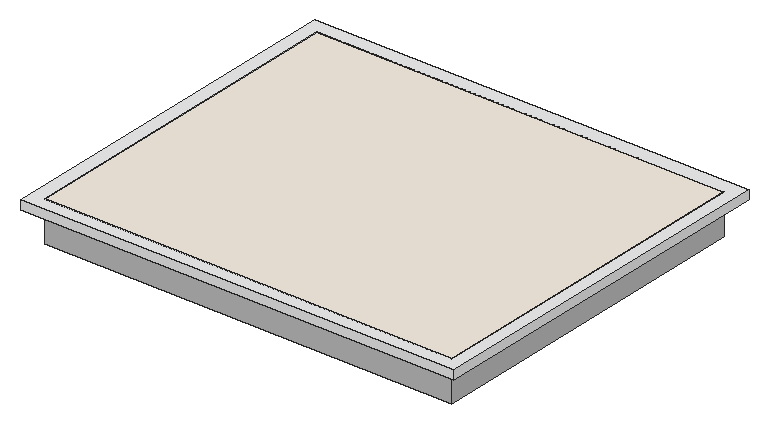
Revit family "Lighting-Industriale-GEWISS-ELIA-HL-LED_RIFLETTORE", category Apparecchi per illuminazione, host Superficie, Revit 2019 (continued)
Types (12, lengths in mm): name | Tensione | Scheda Tecnica | Potenza di sistema | Peso (kg): | Peso (kg) | Ottica | built-in parameter 1150142 | Lumen output (lm) | Modello | IDT | File diagramma fotometrico | Description
    13540.11 13494.38 \r\n13445.96 13390.82 13332.98 13269.77 13201.17 13127.20 \r\n13046.50 12959.07 12864.92 12761.36 12651.07 12531.36 \r\n12402.24 12263.71 12114.41 11957.05 11790.27 11615.42 \r\n11428.46 11232.09 11023.62 10801.69 10562.28 10298.66 \r\n10021.59 9747.21 9471.49 9193.07 8917.35 8647.00 8382.04 \r\n8118.42 7862.87 7616.73 7381.36 7156.74 6938.85 6727.69 \r\n6520.56 6317.46 6119.75 5935.48 5757.94 5585.78 5416.31 \r\n5246.85 5077.38 4917.32 4761.30 4609.31 4461.36 4316.10 \r\n4177.57 4040.38 3909.91 3783.49 3659.74 3537.35 3414.95 \r\n3295.25 3178.24 3057.18 2937.48 2823.15 2711.52 2602.31 \r\n2494.97 2388.99 2286.37 2188.72 2096.72 2011.85 1932.50 \r\n1858.79 1788.98 1722.27 1657.85 1595.04 1533.03 1469.55 \r\n1406.60 1345.40 1285.42 1226.24 1168.40 1112.58 1059.05 \r\n1008.88 960.87 913.39 867.39 823.01 781.31 744.59 710.03 \r\n675.86 642.24 607.00 572.30 540.82 510.29 480.03 450.98 \r\n423.54 397.72 374.58 353.33 333.16 313.38 292.40 271.42 \r\n250.95 231.00 211.57 192.95 175.58 159.14 143.54 128.62 \r\n114.16 100.22 86.62 73.72 61.79 50.71 40.31 30.83 22.30 \r\n15.17 9.94 6.44 4.68 4.67 \r\n13471.52 13472.86 13474.21 13478.24 13482.28 13487.66 \r\n13494.38 13502.45 13510.52 13519.94 13532.04 13542.80 \r\n13554.91 13568.36 13581.81 13596.60 13611.40 13627.54 \r\n13642.33 13658.47 13674.61 13690.75 13705.55 13721.69 \r\n13736.48 13749.93 13763.38 13774.14 13784.90 13794.32 \r\n13801.04 13806.42 13807.77 13809.11 13807.77 13803.73 \r\n13797.01 13788.94 13775.49 13759.35 13739.17 13714.96 \r\n13689.41 13657.13 13623.50 13585.84 13545.49 13499.76 \r\n13450.00 13397.54 13339.71 13276.49 13207.90 13135.27 \r\n13054.57 12968.49 12874.34 12772.12 12661.83 12543.47 \r\n12415.69 12277.16 12129.21 11973.19 11807.75 11634.25 \r\n11448.64 11252.27 11043.79 10823.21 10583.80 10318.84 \r\n10041.77 9764.70 9487.63 9209.21 8934.83 8665.83 8400.87 \r\n8133.21 7873.63 7626.15 7388.08 7159.43 6940.20 6727.69 \r\n6519.21 6314.77 6118.40 5934.14 5757.94 5585.78 5416.31 \r\n5245.50 5078.72 4917.32 4761.30 4609.31 4462.71 4318.80 \r\n4177.57 4041.72 3909.91 3784.83 3662.43 3538.70 3416.30 \r\n3296.59 3176.89 3057.18 2936.14 2821.81 2711.52 2601.77 \r\n2494.44 2388.05 2284.89 2186.70 2094.16 2008.49 1928.73 \r\n1854.49 1784.55 1717.70 1653.27 1590.46 1528.46 1465.24 \r\n1402.30 1340.96 1280.98 1221.93 1164.23 1108.28 1054.48 \r\n1004.58 956.70 909.62 864.03 819.64 777.81 740.96 706.66 \r\n672.90 639.28 604.17 569.74 538.27 508.14 478.28 449.36 \r\n422.06 396.51 373.24 351.58 331.41 311.64 290.79 269.94 \r\n249.97 230.41 211.15 192.60 175.24 158.82 143.30 128.46 \r\n114.04 100.14 86.60 73.77 61.88 50.77 40.34 30.80 22.28 \r\n15.15 9.93 6.44 4.69 4.67 \r\n13471.52 13472.86 13474.21 13478.24 13482.28 13486.31 \r\n13494.38 13501.11 13510.52 13521.28 13530.70 13541.46 \r\n13554.91 13567.01 13581.81 13595.26 13611.40 13626.19 \r\n13640.99 13657.13 13673.27 13688.06 13705.55 13720.34 \r\n13736.48 13749.93 13762.04 13774.14 13784.90 13792.97 \r\n13801.04 13806.42 13809.11 13809.11 13809.11 13805.08 \r\n13798.35 13788.94 13778.18 13762.04 13741.86 13719.00 \r\n13693.44 13661.16 13627.54 13591.22 13549.53 13505.14 \r\n13456.72 13404.27 13346.43 13284.56 13217.31 13143.34 \r\n13065.33 12977.90 12883.75 12782.88 12672.59 12555.57 \r\n12429.14 12291.95 12144.00 11990.67 11826.58 11653.08 \r\n11468.81 11273.79 11065.31 10846.08 10608.01 10343.05 \r\n10064.63 9786.22 9505.11 9226.70 8952.32 8684.66 8419.70 \r\n8149.35 7885.73 7635.56 7394.81 7163.47 6941.54 6726.34 \r\n6517.87 6313.43 6117.06 5934.14 5757.94 5585.78 5416.31 \r\n5245.50 5078.72 4917.32 4759.95 4609.31 4462.71 4320.14 \r\n4178.91 4041.72 3909.91 3784.83 3661.09 3538.70 3416.30 \r\n3296.59 3178.24 3055.84 2934.79 2820.46 2710.17 2600.15 \r\n2492.96 2386.30 2282.60 2184.01 2090.80 2004.45 1924.02 \r\n1849.51 1779.43 1712.45 1648.03 1585.35 1523.35 1460.27 \r\n1397.45 1336.26 1276.00 1217.22 1159.79 1103.57 1049.64 \r\n999.74 952.13 905.59 860.40 816.01 774.18 737.60 703.30 \r\n669.81 636.32 601.22 566.78 535.58 505.85 476.26 447.75 \r\n420.58 395.16 371.62 349.70 329.52 309.89 289.18 268.68 \r\n249.07 229.87 210.76 192.29 174.96 158.55 143.09 128.33 \r\n113.93 100.03 86.58 73.77 61.91 50.83 40.35 30.77 22.24 \r\n15.13 9.91 6.44 4.69 4.67 \r\n13471.52 13472.86 13475.55 13478.24 13482.28 13487.66 \r\n13493.04 13501.11 13510.52 13519.94 13530.70 13541.46 \r\n13553.56 13567.01 13580.46 13593.91 13610.05 13626.19 \r\n13640.99 13657.13 13673.27 13688.06 13704.20 13719.00 \r\n13733.79 13748.59 13760.69 13772.80 13783.56 13792.97 \r\n13801.04 13805.08 13809.11 13810.46 13810.46 13805.08 \r\n13799.70 13791.63 13780.87 13764.73 13745.90 13723.03 \r\n13696.13 13666.54 13634.26 13595.26 13556.25 13511.87 \r\n13464.79 13412.34 13355.85 13292.63 13225.38 13152.75 \r\n13074.74 12988.66 12894.51 12794.98 12687.38 12570.37 \r\n12443.94 12308.09 12162.83 12008.16 11845.41 11673.25 \r\n11490.33 11295.31 11089.52 10870.29 10633.57 10368.60 \r\n10090.19 9809.08 9526.63 9246.87 8971.15 8704.84 8437.18 \r\n8165.49 7899.18 7644.98 7401.53 7168.85 6944.23 6726.34 \r\n6517.87 6313.43 6118.40 5935.48 5757.94 5585.78 5414.97 \r\n5245.50 5078.72 4915.97 4759.95 4609.31 4462.71 4318.80 \r\n4178.91 4041.72 3908.57 3782.14 3659.74 3537.35 3414.95 \r\n3295.25 3175.54 3053.15 2932.10 2819.12 2707.08 2597.60 \r\n2490.40 2383.61 2279.78 2180.65 2086.77 1999.88 1918.91 \r\n1843.99 1773.79 1706.81 1642.51 1579.97 1518.10 1455.16 \r\n1392.75 1331.28 1271.02 1212.25 1155.09 1098.73 1044.66 \r\n994.90 947.42 901.28 856.63 812.38 770.68 734.10 699.94 \r\n666.45 633.23 598.12 564.09 532.89 503.43 474.25 446.00 \r\n419.10 393.68 370.14 348.09 327.78 308.27 287.83 267.56 \r\n248.26 229.36 210.41 192.01 174.72 158.32 142.91 128.18 \r\n113.80 99.91 86.48 73.76 61.92 50.84 40.32 30.72 22.19 \r\n15.09 9.90 6.44 4.69 4.66 \r\n13471.52 13472.86 13475.55 13478.24 13482.28 13487.66 \r\n13493.04 13501.11 13510.52 13519.94 13529.35 13540.11 \r\n13553.56 13567.01 13580.46 13593.91 13608.71 13624.85 \r\n13640.99 13655.78 13671.92 13686.72 13702.86 13717.65 \r\n13733.79 13748.59 13760.69 13772.80 13783.56 13794.32 \r\n13801.04 13806.42 13810.46 13811.80 13811.80 13809.11 \r\n13803.73 13794.32 13782.21 13768.76 13749.93 13728.41 \r\n13701.51 13671.92 13639.64 13603.33 13562.98 13519.94 \r\n13472.86 13421.75 13363.92 13303.39 13237.49 13166.20 \r\n13088.19 13002.11 12909.31 12811.12 12703.52 12587.85 \r\n12462.77 12326.92 12181.66 12029.68 11868.28 11696.12 \r\n11513.20 11319.52 11115.08 10897.19 10661.81 10399.54 \r\n10121.12 9837.33 9553.53 9271.08 8994.01 8722.32 8451.98 \r\n8178.94 7911.29 7657.08 7412.29 7176.92 6949.61 6733.07 \r\n6521.90 6318.81 6123.78 5939.52 5759.29 5584.44 5412.28 \r\n5242.81 5076.03 4913.28 4754.57 4605.28 4457.33 4313.41 \r\n4173.53 4035.00 3901.85 3775.41 3651.67 3527.93 3406.88 \r\n3285.84 3167.47 3046.42 2925.38 2811.05 2700.22 2591.81 \r\n2485.29 2379.57 2276.41 2176.88 2082.33 1994.90 1913.67 \r\n1838.75 1768.67 1701.96 1637.94 1575.94 1514.47 1451.79 \r\n1389.52 1328.32 1268.47 1209.56 1152.13 1095.91 1042.24 \r\n992.21 944.59 898.46 854.07 810.09 768.67 731.95 697.52 \r\n664.03 630.67 595.83 562.08 531.14 501.68 472.50 444.66 \r\n417.89 392.47 369.07 347.01 326.97 307.33 287.43 267.45 \r\n248.10 229.08 210.14 191.82 174.61 158.29 142.85 128.06 \r\n113.63 99.69 86.25 73.52 61.68 50.59 40.12 30.59 22.07 \r\n14.99 9.86 6.45 4.71 4.65 \r\n13471.52 13472.86 13475.55 13478.24 13482.28 13487.66 \r\n13493.04 13501.11 13509.18 13519.94 13529.35 13540.11 \r\n13553.56 13565.67 13579.12 13592.57 13608.71 13623.50 \r\n13639.64 13655.78 13671.92 13686.72 13701.51 13717.65 \r\n13732.45 13747.24 13760.69 13771.45 13782.21 13792.97 \r\n13801.04 13807.77 13811.80 13814.49 13813.15 13810.46 \r\n13805.08 13797.01 13786.25 13772.80 13753.97 13732.45 \r\n13706.89 13678.65 13646.37 13610.05 13571.05 13528.01 \r\n13480.93 13429.82 13374.68 13314.15 13248.25 13178.31 \r\n13100.30 13016.91 12925.45 12827.26 12721.01 12605.34 \r\n12481.60 12347.10 12204.53 12051.20 11889.80 11717.64 \r\n11537.41 11343.73 11140.63 10925.43 10692.75 10431.82 \r\n10154.75 9869.61 9581.78 9297.98 9015.53 8739.81 8466.77 \r\n8192.39 7924.74 7670.53 7423.05 7184.99 6956.34 6738.45 \r\n6528.63 6325.53 6130.51 5943.55 5761.98 5584.44 5409.59 \r\n5240.12 5071.99 4909.25 4751.89 4599.90 4451.95 4306.69 \r\n4165.46 4028.27 3895.12 3766.00 3642.26 3518.52 3397.47 \r\n3276.42 3158.06 3038.36 2918.65 2802.98 2693.50 2584.96 \r\n2479.24 2374.73 2272.38 2172.58 2077.49 1989.79 1908.29 \r\n1833.50 1763.43 1697.12 1633.50 1571.77 1510.70 1448.30 \r\n1386.29 1325.63 1266.05 1206.87 1149.17 1093.48 1040.09 \r\n989.79 941.77 895.77 851.52 808.08 766.92 729.93 695.23 \r\n661.47 628.12 593.68 560.06 529.26 499.94 471.02 443.18 \r\n416.68 391.53 368.13 346.20 326.03 306.66 287.02 267.51 \r\n248.03 228.81 209.89 191.64 174.53 158.27 142.79 127.92 \r\n113.44 99.46 86.00 73.22 61.37 50.30 39.89 30.41 21.94 \r\n14.89 9.82 6.46 4.72 4.65 \r\n13471.52 13472.86 13475.55 13478.24 13482.28 13487.66 \r\n13493.04 13501.11 13509.18 13518.59 13529.35 13540.11 \r\n13552.22 13565.67 13579.12 13592.57 13607.36 13623.50 \r\n13639.64 13654.44 13670.58 13685.37 13701.51 13716.31 \r\n13731.10 13745.90 13759.35 13771.45 13782.21 13792.97 \r\n13801.04 13807.77 13814.49 13815.84 13815.84 13813.15 \r\n13809.11 13801.04 13790.28 13774.14 13758.00 13736.48 \r\n13710.93 13684.03 13653.09 13618.12 13579.12 13536.08 \r\n13491.69 13440.58 13385.44 13326.26 13261.70 13191.76 \r\n13113.75 13031.70 12941.59 12844.75 12738.49 12625.51 \r\n12501.77 12368.62 12226.05 12075.41 11914.01 11741.85 \r\n11560.27 11370.63 11168.88 10955.02 10722.34 10465.44 \r\n10189.72 9903.23 9611.37 9324.88 9039.74 8758.64 8480.22 \r\n8207.19 7939.53 7683.98 7436.50 7195.75 6963.06 6745.17 \r\n6536.70 6333.60 6137.23 5948.93 5763.32 5584.44 5408.24 \r\n5236.09 5069.30 4905.21 4746.50 4593.18 4445.22 4299.96 \r\n4158.74 4021.55 3887.05 3756.59 3631.50 3507.76 3385.36 \r\n3267.01 3148.64 3027.59 2910.58 2796.26 2685.29 2577.83 \r\n2472.78 2369.35 2267.94 2168.01 2072.38 1984.41 1902.77 \r\n1827.99 1758.18 1692.14 1628.93 1567.60 1507.07 1444.93 \r\n1383.06 1322.94 1263.63 1204.31 1146.48 1090.93 1037.94 \r\n987.36 939.21 893.21 849.10 806.06 765.30 728.18 693.21 \r\n659.18 625.69 591.53 558.31 527.64 498.32 469.54 441.70 \r\n415.34 390.45 367.19 345.40 325.22 306.12 286.89 267.64 \r\n248.02 228.56 209.65 191.49 174.47 158.28 142.73 127.77 \r\n113.22 99.21 85.72 72.91 61.05 49.98 39.65 30.25 21.80 \r\n14.79 9.78 6.47 4.75 4.64 \r\n13471.52 13472.86 13475.55 13478.24 13482.28 13487.66 \r\n13493.04 13501.11 13509.18 13518.59 13529.35 13540.11 \r\n13552.22 13565.67 13579.12 13592.57 13606.02 13623.50 \r\n13638.30 13654.44 13670.58 13685.37 13700.17 13716.31 \r\n13731.10 13744.55 13759.35 13770.11 13782.21 13792.97 \r\n13801.04 13809.11 13814.49 13818.53 13818.53 13815.84 \r\n13810.46 13802.39 13791.63 13778.18 13762.04 13741.86 \r\n13717.65 13690.75 13658.47 13624.85 13587.19 13545.49 \r\n13499.76 13451.34 13396.20 13337.02 13273.80 13203.86 \r\n13128.54 13046.50 12957.73 12860.89 12757.32 12644.34 \r\n12521.95 12391.48 12248.91 12099.62 11938.22 11767.40 \r\n11587.17 11396.18 11194.43 10983.27 10754.62 10499.07 \r\n10224.69 9936.86 9642.30 9353.13 9065.30 8777.47 8497.71 \r\n8221.98 7954.33 7697.43 7447.26 7205.16 6971.13 6753.24 \r\n6543.42 6341.67 6146.65 5954.31 5766.01 5583.10 5405.55 \r\n5233.40 5065.27 4901.18 4741.13 4587.80 4438.50 4291.90 \r\n4150.67 4013.48 3878.98 3748.51 3620.74 3495.65 3374.61 \r\n3256.24 3137.88 3019.52 2901.16 2788.18 2677.22 2570.29 \r\n2465.92 2363.70 2263.10 2163.03 2067.13 1979.03 1897.39 \r\n1822.61 1752.94 1687.17 1624.49 1563.56 1503.44 1441.57 \r\n1379.84 1320.25 1261.21 1201.76 1143.52 1088.51 1035.92 \r\n985.21 936.66 890.66 846.54 804.04 763.83 726.57 691.20 \r\n656.90 623.41 589.51 556.70 526.03 496.84 468.06 440.22 \r\n414.13 389.51 366.38 344.72 324.68 305.58 286.75 267.83 \r\n247.99 228.26 209.39 191.31 174.42 158.28 142.68 127.63 \r\n113.02 98.95 85.42 72.59 60.70 49.66 39.38 30.07 21.67 \r\n14.70 9.75 6.49 4.77 4.63 \r\n13471.52 13472.86 13475.55 13478.24 13482.28 13487.66 \r\n13493.04 13501.11 13509.18 13518.59 13529.35 13540.11 \r\n13552.22 13565.67 13579.12 13592.57 13606.02 13620.81 \r\n13638.30 13654.44 13669.23 13685.37 13700.17 13714.96 \r\n13729.76 13744.55 13758.00 13770.11 13782.21 13792.97 \r\n13801.04 13810.46 13815.84 13819.87 13819.87 13818.53 \r\n13813.15 13806.42 13795.66 13782.21 13764.73 13745.90 \r\n13723.03 13696.13 13665.20 13632.92 13595.26 13553.56 \r\n13510.52 13459.41 13406.96 13350.47 13285.91 13217.31 \r\n13141.99 13062.64 12975.21 12879.72 12776.15 12664.52 \r\n12542.12 12413.00 12271.78 12122.48 11962.43 11791.61 \r\n11611.38 11423.08 11224.02 11012.86 10785.55 10532.69 \r\n10261.00 9971.83 9674.58 9381.37 9089.51 8798.99 8512.50 \r\n8236.78 7969.12 7710.88 7460.71 7214.58 6979.20 6761.31 \r\n6552.84 6349.74 6153.38 5958.35 5768.70 5583.10 5404.21 \r\n5230.70 5061.23 4897.15 4735.74 4581.07 4430.43 4283.82 \r\n4141.25 4005.41 3870.91 3737.75 3608.63 3484.89 3363.84 \r\n3244.14 3128.47 3010.11 2893.09 2780.11 2669.56 2562.76 \r\n2458.93 2357.65 2257.99 2157.92 2062.02 1973.79 1892.01 \r\n1817.36 1747.96 1682.46 1619.92 1559.53 1499.67 1438.07 \r\n1376.74 1317.29 1258.65 1198.93 1140.56 1086.09 1034.04 \r\n983.06 934.24 888.10 844.26 802.29 762.35 725.09 689.31 \r\n654.75 621.26 587.63 555.22 524.82 495.50 466.72 439.01 \r\n413.05 388.57 365.57 344.05 324.01 305.05 286.62 267.95 \r\n247.92 227.94 209.09 191.14 174.33 158.25 142.58 127.44 \r\n112.79 98.68 85.11 72.27 60.35 49.33 39.14 29.91 21.56 \r\n14.61 9.73 6.52 4.80 4.63 \r\n13471.52 13472.86 13475.55 13478.24 13482.28 13487.66 \r\n13493.04 13501.11 13509.18 13518.59 13528.01 13538.77 \r\n13552.22 13564.32 13577.77 13591.22 13604.67 13620.81 \r\n13635.61 13653.09 13669.23 13684.03 13698.82 13714.96 \r\n13728.41 13743.21 13756.66 13770.11 13780.87 13792.97 \r\n13802.39 13810.46 13817.18 13819.87 13822.56 13821.22 \r\n13815.84 13809.11 13798.35 13784.90 13770.11 13751.28 \r\n13727.07 13701.51 13671.92 13639.64 13601.98 13561.63 \r\n13518.59 13470.17 13417.72 13361.23 13299.36 13230.76 \r\n13156.79 13077.43 12991.35 12897.20 12794.98 12684.69 \r\n12563.64 12434.52 12295.99 12145.35 11986.64 11815.82 \r\n11636.94 11449.98 11250.92 11041.10 10817.83 10566.32 \r\n10297.32 10006.80 9708.21 9410.96 9115.06 8820.51 8531.33 \r\n8254.26 7986.61 7725.68 7472.82 7225.34 6988.62 6769.38 \r\n6560.91 6357.81 6160.10 5963.73 5772.74 5584.44 5402.86 \r\n5226.67 5057.20 4891.76 4731.71 4575.69 4422.36 4275.75 \r\n4133.18 3995.99 3862.84 3728.34 3599.22 3474.13 3351.74 \r\n3234.72 3119.05 3002.04 2886.37 2773.39 2662.43 2555.63 \r\n2452.07 2351.33 2252.47 2152.81 2056.64 1968.54 1886.90 \r\n1812.39 1743.12 1677.75 1615.48 1555.36 1495.91 1434.44 \r\n1373.24 1314.33 1255.96 1196.11 1137.74 1083.94 1032.29 \r\n981.18 931.82 885.68 841.84 800.41 761.14 723.48 687.56 \r\n652.86 619.10 585.88 553.74 523.47 494.42 465.37 437.66 \r\n411.84 387.76 364.90 343.51 323.61 304.78 286.49 268.05 \r\n247.76 227.55 208.77 190.95 174.22 158.19 142.48 127.24 \r\n112.55 98.43 84.82 71.97 60.04 49.03 38.91 29.76 21.46 \r\n14.55 9.72 6.55 4.83 4.63 \r\n13471.52 13472.86 13475.55 13478.24 13482.28 13487.66 \r\n13493.04 13501.11 13509.18 13518.59 13528.01 13538.77 \r\n13550.87 13562.98 13577.77 13591.22 13604.67 13619.47 \r\n13635.61 13651.75 13667.89 13682.68 13698.82 13713.62 \r\n13727.07 13741.86 13755.31 13768.76 13780.87 13791.63 \r\n13802.39 13810.46 13817.18 13821.22 13822.56 13822.56 \r\n13818.53 13811.80 13801.04 13788.94 13772.80 13753.97 \r\n13732.45 13706.89 13678.65 13646.37 13610.05 13571.05 \r\n13526.66 13478.24 13425.79 13370.64 13308.77 13241.52 \r\n13168.89 13090.88 13006.15 12913.34 12811.12 12702.18 \r\n12582.47 12454.70 12317.51 12168.21 12009.50 11841.38 \r\n11661.15 11475.54 11277.82 11070.69 10846.08 10598.60 \r\n10329.60 10039.08 9737.80 9440.55 9144.65 8848.75 8555.54 \r\n8274.44 8002.75 7740.47 7486.27 7236.10 6996.69 6774.76 \r\n6564.94 6361.85 6164.14 5969.11 5778.12 5588.47 5404.21 \r\n5225.32 5054.51 4889.07 4727.68 4570.31 4416.98 4269.03 \r\n4125.11 3987.92 3854.77 3721.61 3591.15 3466.06 3345.01 \r\n3229.34 3112.33 2998.01 2882.34 2769.36 2658.53 2550.79 \r\n2445.88 2344.60 2245.48 2146.62 2051.80 1964.24 1882.60 \r\n1808.08 1738.82 1673.45 1611.18 1550.78 1491.34 1430.00 \r\n1369.08 1310.30 1251.93 1192.21 1134.10 1080.98 1030.14 \r\n978.76 929.26 882.86 839.01 798.26 759.39 722.13 686.08 \r\n651.11 617.35 584.40 552.79 522.67 493.48 464.16
